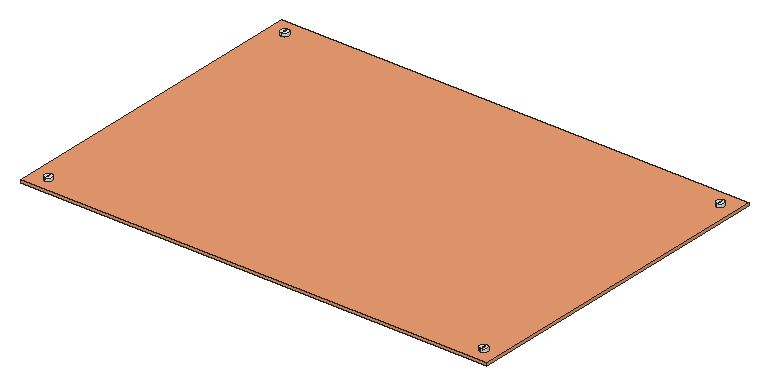
Revit family "Clarus_Float+Depth_R19", category Furniture, host Face, Revit 2019
Family settings
  Host = Face
  Cut with Voids When Loaded = No
  Shared = No
  Room Calculation Point = No
Parameters (values of type "60" X 42" Float")
  Width Control = if(Width > 72", 72", Width)  # 60"
  Width = 60"
  URL = "https://www.clarus.com/"
  TRC Standards [instance] = "http://therevitcollection.com/news/trc-news-the-revit-collection-standards-explained/"
  Stand-offs = yes
  Stand-Offs [instance] = Clarus Stainless Steel
  Product URL = "https://www.clarus.com/float-depth/"
  More Revit Families! [instance] = "www.therevitcollection.com"
  Modeled By = "Commense Studio"  # constant formula
  Model = "Float + Depth"  # constant formula
  Manufacturer = "Clarus"  # constant formula
  Height Control = if(Height > 144", 144", Height)  # 42"
  Glass Thickness = 1/4"
  Clarus Glass [instance] = CBC-503 POP Orange
  Description = "The original glassboards, Float and Depth, are the modern version of the traditional whiteboard. Choose your mounting style and elevate any interior with our wall-mounted glassboards. When inspiration strikes, make sure you have the perfect canvas to capture\r\nyour creativity."  # constant formula
  Height = 42"
  Designer = ""
  Depth = 1 37/128"
  Default Elevation = 0"
  Assembly Code = ""
Types (15): name | Width Control | Width | Stand-offs | Height Control | Clarus Glass | Height | Depth
  (no name) | 60" | 60" | yes | 42" | CBC-503 POP Orange | 42" | 1 37/128"
  36" X 24" Float | 36" | 36" | yes | 24" | CBC-223 Deep Blue | 24" | 1 37/128"
  36" X 24" Depth | 36" | 36" | no | 24" | CBC-223 Deep Blue | 24" | 1/2"
  48" X 36" Depth | 48" | 48" | no | 36" | CBC-306 Gallant Green | 36" | 1/2"
  48" X 36" Float | 48" | 48" | yes | 36" | CBC-306 Gallant Green | 36" | 1 37/128"
  60" X 42" Depth | 60" | 60" | no | 42" | CBC-503 POP Orange | 42" | 1/2"
  60" X 42" Float | 60" | 60" | yes | 42" | CBC-503 POP Orange | 42" | 1 37/128"
  60" X 48" Float | 60" | 60" | yes | 48" | CBC-503 POP Orange | 48" | 1 37/128"
  60" X 48" Depth | 60" | 60" | no | 48" | CBC-503 POP Orange | 48" | 1/2"
  72" X 48" Float | 72" | 72" | yes | 48" | CBC-603 POP Pink | 48" | 1 37/128"
  72" X 48" Depth | 72" | 72" | no | 48" | CBC-603 POP Pink | 48" | 1/2"
  84" X 48" Float | 72" | 96" | yes | 48" | CBC-705 Personable Purple | 48" | 1 37/128"
  84" X 48" Depth | 72" | 96" | no | 48" | CBC-705 Personable Purple | 48" | 1/2"
  120" X 48" Float | 72" | 120" | yes | 48" | CBC-610 Resolute Red | 48" | 1 37/128"
  120" X 48" Depth | 72" | 120" | no | 48" | CBC-610 Resolute Red | 48" | 1/2"
Reference planes (in)
  plane 1 "Center (Front/Back)": y = 0
  plane 2: z = 0
  plane 3 "Center (Left/Right)": x = 0
  plane 4 "L": x = -30
  plane 5 "R": x = 30
  plane 6 "B": y = 21
  plane 7 "F": y = -21
  plane 8: z = 1.28906
  plane 9: z = 1.03906
  plane 10: x = -28
  plane 11: x = 28
  plane 12: y = 19
  plane 13: y = -19
Forms (in)
  Extrusion 1, solid, material "CBC-503 POP Orange" <- "Clarus Glass"
    sketch origin (0, 0, 0) x (1, 0, 0) y (0, 1, 0)
      loop
        line (-30, 21) -> (-30, -21) -> (30, -21) -> (30, 21) -> (-30, 21)
    from 1.03906 to 1.28906
Dimensions and locks (in)
  equal spacing: plane 4 "L", plane 3 "Center (Left/Right)", plane 5 "R"
  "Width": plane 4 "L" to plane 5 "R"
  equal spacing: plane 7 "F", plane 1 "Center (Front/Back)", plane 6 "B"
  "Height": plane 7 "F" to plane 6 "B"
  "Depth": plane 8 to level
  "Glass Thickness": plane 8 to plane 9
  locked: plane 4 "L" to plane 10 at 2
  locked: plane 5 "R" to plane 11 at 2
  locked: plane 6 "B" to plane 12 at 2
  locked: plane 7 "F" to plane 13 at 2
  aligned and locked: plane 2 to host face
  aligned and locked: level to host face
  aligned and locked: Extrusion 1 to plane 9
  aligned and locked: plane 8 to Extrusion 1
  aligned and locked: plane 10 to nested 1
  aligned and locked: nested 1 to plane 12
  aligned and locked: nested 2 to plane 13
  aligned and locked: plane 10 to nested 2
  aligned and locked: plane 11 to nested 3
  aligned and locked: nested 3 to plane 12
  aligned and locked: plane 11 to nested 4
  aligned and locked: nested 4 to plane 13
Automatic sketch dimensions
  host sketch curve to host sketch curve = 96"  (x2)
  plane 6 "B" to Extrusion 1 sketch curve = 0"
  Extrusion 1 sketch curve to plane 5 "R" = 0"
  Extrusion 1 sketch curve to plane 4 "L" = 0"
  plane 7 "F" to Extrusion 1 sketch curve = 0"
Nested families (in)
  nested 1: "Clarus_Standoff_R18" at (-28, 19, 0), Core Finish <- "Stand-Offs", visible <- "Stand-offs", type "40" X 21""
    with TRC Standards "http://therevitcollection.com/news/trc-news-the-revit-collection-standards-explained/", More Revit Families! "www.therevitcollection.com", Leg Finish Clarus Black, Core Finish Clarus Stainless Steel, Clarus Glass CBC-116 Smooth White, Caster Color Clarus Black
  nested 2: "Clarus_Standoff_R18" at (-28, -19, 0), Core Finish <- "Stand-Offs", visible <- "Stand-offs", type "40" X 21""
    with TRC Standards "http://therevitcollection.com/news/trc-news-the-revit-collection-standards-explained/", More Revit Families! "www.therevitcollection.com", Leg Finish Clarus Black, Core Finish Clarus Stainless Steel, Clarus Glass CBC-116 Smooth White, Caster Color Clarus Black
  nested 3: "Clarus_Standoff_R18" at (28, 19, 0) x (-1, 0, 0) z (0, 0, 1), Core Finish <- "Stand-Offs", visible <- "Stand-offs", type "40" X 21""
    with TRC Standards "http://therevitcollection.com/news/trc-news-the-revit-collection-standards-explained/", More Revit Families! "www.therevitcollection.com", Leg Finish Clarus Black, Core Finish Clarus Stainless Steel, Clarus Glass CBC-116 Smooth White, Caster Color Clarus Black
  nested 4: "Clarus_Standoff_R18" at (28, -19, 0) x (-1, 0, 0) z (0, 0, 1), Core Finish <- "Stand-Offs", visible <- "Stand-offs", type "40" X 21""
    with TRC Standards "http://therevitcollection.com/news/trc-news-the-revit-collection-standards-explained/", More Revit Families! "www.therevitcollection.com", Leg Finish Clarus Black, Core Finish Clarus Stainless Steel, Clarus Glass CBC-116 Smooth White, Caster Color Clarus Black
Definition of nested family "Clarus_Standoff_R18"
  Parameters (values of type "40" X 21"")
    Width = 1"
    URL = "https://www.clarus.com/"
    TRC Standards [instance] = "http://therevitcollection.com/news/trc-news-the-revit-collection-standards-explained/"
    Product URL = "https://www.clarus.com/be-mobile/"
    More Revit Families! [instance] = "www.therevitcollection.com"
    Modeled By = "Commense Studio"  # constant formula
    Model = "be! Mobile"  # constant formula
    Manufacturer = "Clarus"  # constant formula
    Leg Finish [instance] = none
    Clarus Glass [instance] = none
    Core Finish [instance] = none
    Description = "Rolling Glassboard"  # constant formula
    Height = 1 1/2"
    Designer = ""
    Depth = 1"
    Default Elevation = 0"
    Caster Color [instance] = none
    Assembly Code = ""
  Reference planes (in)
    plane 1 "Center (Front/Back)": y = 0
    plane 2: z = 0
    plane 3 "Center (Left/Right)": x = 0
    plane 4 "L": x = -0.5
    plane 5 "R": x = 0.5
    plane 6 "B": y = 0.5
    plane 7 "F": y = -0.5
    plane 8: z = 1.5
  Forms (in)
    Extrusion 1, solid
      sketch origin (0, 0, 0) x (1, 0, 0) y (0, 1, 0)
        loop
          line (-48, 48) -> (-48, -48) -> (48, -48) -> (48, 48) -> (-48, 48)
      from 0 to -12
    Revolve 2, solid, material <- "Core Finish"
      sketch origin (0, 0, 0) x (0, 1, 0) y (0, 0, 1)
        loop
          line (0.5, 0) -> (0.5, 1.03949) -> (0.25, 1.03949) -> (0.25, 1.2887) -> (0.5, 1.2887) -> (0.5, 1.58426) -> (0, 1.62801) -> (0.17201, 1.52465) -> (0.17201, 1.32063) -> (0.20498, 1.32063) -> (0.19108, 1.26875) -> (0.19108, 1.03949) -> (0.159, 1.03949) -> (0.159, 0.23945) -> (0.11516, 0.1665) -> (0.11516, 0) -> (0.5, 0)
        axis (0, 1.62801) -> (0, 0)
      angle from 0 to 360
  Dimensions and locks (in)
    equal spacing: plane 4 "L", plane 3 "Center (Left/Right)", plane 5 "R"
    "Width": plane 4 "L" to plane 5 "R"
    equal spacing: plane 7 "F", plane 1 "Center (Front/Back)", plane 6 "B"
    "Depth": plane 7 "F" to plane 6 "B"
    "Height": plane 8 to level
    aligned and locked: plane 2 to Extrusion 1
    aligned and locked: level to Extrusion 1
  Automatic sketch dimensions
    Extrusion 1 sketch curve to Extrusion 1 sketch curve = 96"  (x2)
    Revolve 2 sketch curve to plane 1 "Center (Front/Back)" = 0"  (x2)
    Revolve 2 sketch curve to level = 0"
    Revolve 2 sketch curve to plane 6 "B" = 0"  (x2)
    Revolve 2 sketch curve to plane 1 "Center (Front/Back)" = 0.11516"
    Revolve 2 sketch curve to plane 1 "Center (Front/Back)" = 0.159"
    Revolve 2 sketch curve to plane 1 "Center (Front/Back)" = 0.17201"
    Revolve 2 sketch curve to Revolve 2 sketch curve = 0.03208"
    Revolve 2 sketch curve to Revolve 2 sketch curve = 0.03297"
    Revolve 2 sketch curve to Revolve 2 sketch curve = 0.05892"
    Revolve 2 sketch curve to Revolve 2 sketch curve = 0.1665"
    Revolve 2 sketch curve to Revolve 2 sketch curve = 0.07296"
    Revolve 2 sketch curve to plane 8 = 0.46051"
    Revolve 2 sketch curve to Revolve 2 sketch curve = 0"
    Revolve 2 sketch curve to Revolve 2 sketch curve = 0.22926"
    Revolve 2 sketch curve to Revolve 2 sketch curve = 0.01995"
    Revolve 2 sketch curve to Revolve 2 sketch curve = 0.05187"
    plane 8 to Revolve 2 sketch curve = 0.02465"
    plane 8 to Revolve 2 sketch curve = 0.08426"
    plane 8 to Revolve 2 sketch curve = 0.12801"
    Revolve 2 sketch curve to level = 0.15571"
    Revolve 2 sketch curve to Revolve 2 sketch curve = 0.21629"
